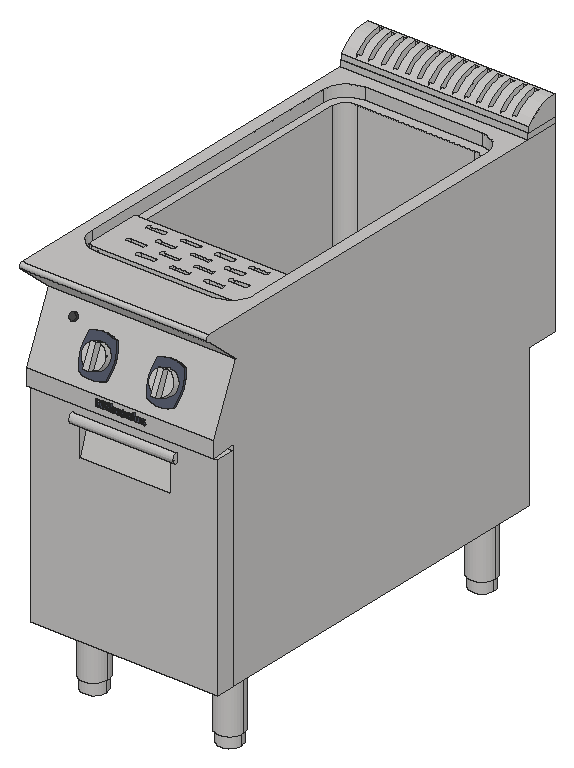
Revit family "QF_ELECTROLUXPROFESSIONAL_391203_E9PCED1MF2", category Specialty Equipment, Revit 2018 (continued)
Automatic sketch dimensions
  Extrusion 14 sketch curve to Extrusion 14 sketch curve = 1.056 mm
  Extrusion 14 sketch curve to Extrusion 14 sketch curve = 0.129 mm
  Extrusion 14 sketch curve to Extrusion 14 sketch curve = 0.489 mm
  Extrusion 14 sketch curve to Extrusion 14 sketch curve = 0.441 mm
  plane 18 to Extrusion 14 sketch curve = 0.411 mm
  Extrusion 14 sketch curve to Extrusion 14 sketch curve = 1.151 mm
  Extrusion 14 sketch curve to Extrusion 14 sketch curve = 1.141 mm  (x2)
  Extrusion 14 sketch curve to Extrusion 14 sketch curve = 0.768 mm
  Extrusion 14 sketch curve to plane 20 = 0.022 mm
  Extrusion 14 sketch curve to Extrusion 14 sketch curve = 1.653 mm
  Extrusion 14 sketch curve to Extrusion 14 sketch curve = 0.643 mm
  Extrusion 14 sketch curve to Extrusion 14 sketch curve = 0.964 mm
  Extrusion 14 sketch curve to Extrusion 14 sketch curve = 0.949 mm
  Extrusion 14 sketch curve to Extrusion 14 sketch curve = 1.345 mm  (x2)
  Extrusion 14 sketch curve to Extrusion 14 sketch curve = 1.101 mm
  Extrusion 14 sketch curve to Extrusion 14 sketch curve = 0.432 mm
  Extrusion 14 sketch curve to Extrusion 14 sketch curve = 0.959 mm
  Extrusion 14 sketch curve to Extrusion 14 sketch curve = 0.176 mm
  Extrusion 14 sketch curve to Extrusion 14 sketch curve = 0.728 mm
  Extrusion 14 sketch curve to Extrusion 14 sketch curve = 3.375 mm  (x2)
  Extrusion 14 sketch curve to Extrusion 14 sketch curve = 0.541 mm
  Extrusion 14 sketch curve to Extrusion 14 sketch curve = 0.955 mm
  Extrusion 14 sketch curve to Extrusion 14 sketch curve = 1.251 mm
  Extrusion 14 sketch curve to Extrusion 14 sketch curve = 0.572 mm
  Extrusion 14 sketch curve to plane 20 = 8.867 mm
  Extrusion 14 sketch curve to Extrusion 14 sketch curve = 1.92 mm
  Extrusion 14 sketch curve to Extrusion 14 sketch curve = 1.224 mm
  Extrusion 14 sketch curve to Extrusion 14 sketch curve = 0.745 mm
  Extrusion 14 sketch curve to Extrusion 14 sketch curve = 2.537 mm
  Extrusion 14 sketch curve to Extrusion 14 sketch curve = 0.896 mm  (x3)
  Extrusion 14 sketch curve to plane 7 "Center Y" = 0.681 mm
  Extrusion 14 sketch curve to Extrusion 14 sketch curve = 2.607 mm
  Extrusion 14 sketch curve to Extrusion 14 sketch curve = 0.066 mm
  Extrusion 14 sketch curve to Extrusion 14 sketch curve = 0.248 mm
  Extrusion 14 sketch curve to Extrusion 14 sketch curve = 0.449 mm
  Extrusion 14 sketch curve to plane 20 = 8.086 mm
  Extrusion 14 sketch curve to Extrusion 14 sketch curve = 1.052 mm
  Extrusion 14 sketch curve to Extrusion 14 sketch curve = 1.863 mm
  Extrusion 14 sketch curve to Extrusion 14 sketch curve = 1.31 mm  (x2)
  Extrusion 14 sketch curve to Extrusion 14 sketch curve = 0.901 mm
  Extrusion 14 sketch curve to Extrusion 14 sketch curve = 1.107 mm
  Extrusion 14 sketch curve to Extrusion 14 sketch curve = 2.122 mm
  Extrusion 14 sketch curve to Extrusion 14 sketch curve = 2.101 mm
  Extrusion 14 sketch curve to Extrusion 14 sketch curve = 0.106 mm
  Extrusion 14 sketch curve to Extrusion 14 sketch curve = 0.029 mm
  Extrusion 14 sketch curve to plane 20 = 10.889 mm
  Extrusion 14 sketch curve to Extrusion 14 sketch curve = 2.09 mm
  Extrusion 14 sketch curve to Extrusion 14 sketch curve = 1.279 mm
  Extrusion 14 sketch curve to Extrusion 14 sketch curve = 2.008 mm
  Extrusion 14 sketch curve to Extrusion 14 sketch curve = 0.738 mm
  Extrusion 14 sketch curve to Extrusion 14 sketch curve = 0.382 mm
  Extrusion 14 sketch curve to Extrusion 14 sketch curve = 0.384 mm
  Extrusion 14 sketch curve to Extrusion 14 sketch curve = 0.002 mm
  Extrusion 14 sketch curve to Extrusion 14 sketch curve = 0.561 mm
  Extrusion 14 sketch curve to Extrusion 14 sketch curve = 0.592 mm
  Extrusion 14 sketch curve to Extrusion 14 sketch curve = 2.692 mm
  Extrusion 14 sketch curve to Extrusion 14 sketch curve = 1.259 mm
  Extrusion 14 sketch curve to plane 20 = 10.106 mm
  Extrusion 14 sketch curve to Extrusion 14 sketch curve = 0.802 mm
  Extrusion 14 sketch curve to Extrusion 14 sketch curve = 1.024 mm  (x2)
  Extrusion 14 sketch curve to Extrusion 14 sketch curve = 0.682 mm
  Extrusion 14 sketch curve to Extrusion 14 sketch curve = 5.934 mm
  Extrusion 14 sketch curve to Extrusion 14 sketch curve = 2.186 mm
  Extrusion 14 sketch curve to Extrusion 14 sketch curve = 0.337 mm
  Extrusion 14 sketch curve to Extrusion 14 sketch curve = 0.021 mm
  Extrusion 14 sketch curve to Extrusion 14 sketch curve = 1.005 mm
  Extrusion 14 sketch curve to Extrusion 14 sketch curve = 0.552 mm
  Extrusion 14 sketch curve to Extrusion 14 sketch curve = 0.778 mm
  Extrusion 14 sketch curve to Extrusion 14 sketch curve = 0.063 mm
  Extrusion 14 sketch curve to Extrusion 14 sketch curve = 1.023 mm
  Extrusion 14 sketch curve to plane 18 = 1.76 mm
  Extrusion 14 sketch curve to Extrusion 14 sketch curve = 3.804 mm
  Extrusion 14 sketch curve to Extrusion 14 sketch curve = 0.486 mm
  Extrusion 14 sketch curve to Extrusion 14 sketch curve = 0.266 mm
  plane 7 "Center Y" to Extrusion 14 sketch curve = 0.461 mm
  Extrusion 14 sketch curve to Extrusion 14 sketch curve = 1.547 mm
  Extrusion 14 sketch curve to Extrusion 14 sketch curve = 0.717 mm  (x2)
  Extrusion 14 sketch curve to Extrusion 14 sketch curve = 1.667 mm
  Extrusion 14 sketch curve to plane 20 = 5.78 mm
  Extrusion 14 sketch curve to Extrusion 14 sketch curve = 3.174 mm
  Extrusion 14 sketch curve to Extrusion 14 sketch curve = 0.388 mm
  Extrusion 14 sketch curve to Extrusion 14 sketch curve = 1.342 mm
  Extrusion 14 sketch curve to plane 20 = 11.383 mm
  Extrusion 14 sketch curve to Extrusion 14 sketch curve = 1.521 mm
  Extrusion 14 sketch curve to plane 20 = 12.942 mm
  Extrusion 14 sketch curve to Extrusion 14 sketch curve = 0.124 mm
  Extrusion 14 sketch curve to Extrusion 14 sketch curve = 0.291 mm
  plane 7 "Center Y" to Extrusion 14 sketch curve = 8.533 mm
  Extrusion 14 sketch curve to Extrusion 14 sketch curve = 1.049 mm  (x2)
  Extrusion 14 sketch curve to plane 20 = 8.916 mm
  Extrusion 14 sketch curve to Extrusion 14 sketch curve = 1.7 mm
  Extrusion 14 sketch curve to Extrusion 14 sketch curve = 0.894 mm
  Extrusion 14 sketch curve to plane 7 "Center Y" = 1.202 mm
  Extrusion 14 sketch curve to Extrusion 14 sketch curve = 0.989 mm
  Extrusion 14 sketch curve to plane 18 = 0.213 mm
  Extrusion 14 sketch curve to Extrusion 14 sketch curve = 1.168 mm
  plane 20 to Extrusion 14 sketch curve = 1.323 mm
  Extrusion 14 sketch curve to Extrusion 14 sketch curve = 1.594 mm
  Extrusion 14 sketch curve to Extrusion 14 sketch curve = 0.731 mm
  Extrusion 14 sketch curve to Extrusion 14 sketch curve = 1.566 mm
  Extrusion 14 sketch curve to Extrusion 14 sketch curve = 0.064 mm
  plane 7 "Center Y" to Extrusion 14 sketch curve = 9.089 mm
  Extrusion 14 sketch curve to Extrusion 14 sketch curve = 0.556 mm
  Extrusion 14 sketch curve to Extrusion 14 sketch curve = 0.48 mm
  Extrusion 14 sketch curve to Extrusion 14 sketch curve = 1.018 mm
  Extrusion 14 sketch curve to Extrusion 14 sketch curve = 0.787 mm
  Extrusion 14 sketch curve to Extrusion 14 sketch curve = 0.618 mm
  Extrusion 14 sketch curve to plane 20 = 3.734 mm
  Extrusion 14 sketch curve to Extrusion 14 sketch curve = 1.672 mm
  Extrusion 14 sketch curve to plane 20 = 14.684 mm
  Extrusion 14 sketch curve to Extrusion 14 sketch curve = 1.361 mm
  Extrusion 14 sketch curve to Extrusion 14 sketch curve = 0.822 mm
  Extrusion 14 sketch curve to Extrusion 14 sketch curve = 0.069 mm
  Extrusion 14 sketch curve to Extrusion 14 sketch curve = 1.88 mm
  plane 20 to Extrusion 14 sketch curve = 3.483 mm
  Extrusion 14 sketch curve to Extrusion 14 sketch curve = 0.42 mm
  Extrusion 14 sketch curve to Extrusion 14 sketch curve = 0.062 mm
  Extrusion 14 sketch curve to Extrusion 14 sketch curve = 1.355 mm
  Extrusion 14 sketch curve to Extrusion 14 sketch curve = 2.34 mm
  Extrusion 14 sketch curve to Extrusion 14 sketch curve = 0.493 mm
  Extrusion 14 sketch curve to Extrusion 14 sketch curve = 0.136 mm
  Extrusion 14 sketch curve to Extrusion 14 sketch curve = 0.128 mm
  plane 18 to Extrusion 14 sketch curve = 3.119 mm
  Extrusion 14 sketch curve to Extrusion 14 sketch curve = 3.616 mm
  Extrusion 14 sketch curve to Extrusion 14 sketch curve = 4.207 mm
  Extrusion 14 sketch curve to Extrusion 14 sketch curve = 0.183 mm
  Extrusion 14 sketch curve to Extrusion 14 sketch curve = 0.895 mm
  Extrusion 14 sketch curve to Extrusion 14 sketch curve = 1.314 mm
  Extrusion 14 sketch curve to Extrusion 14 sketch curve = 3.231 mm
  Extrusion 14 sketch curve to Extrusion 14 sketch curve = 1.299 mm
  Extrusion 14 sketch curve to Extrusion 14 sketch curve = 1.214 mm
  plane 18 to Extrusion 14 sketch curve = 4.384 mm
  Extrusion 14 sketch curve to Extrusion 14 sketch curve = 0.109 mm
  Extrusion 14 sketch curve to Extrusion 14 sketch curve = 0.357 mm
  Extrusion 14 sketch curve to Extrusion 14 sketch curve = 0.565 mm
  Extrusion 14 sketch curve to Extrusion 14 sketch curve = 2.504 mm
  Extrusion 14 sketch curve to Extrusion 14 sketch curve = 2.459 mm
  Extrusion 14 sketch curve to Extrusion 14 sketch curve = 0.983 mm
  Extrusion 14 sketch curve to Extrusion 14 sketch curve = 0.422 mm  (x2)
  Extrusion 14 sketch curve to Extrusion 14 sketch curve = 1.268 mm
  Extrusion 14 sketch curve to Extrusion 14 sketch curve = 0.671 mm
  Extrusion 14 sketch curve to Extrusion 14 sketch curve = 1.634 mm
  Extrusion 14 sketch curve to Extrusion 14 sketch curve = 0.132 mm
  Extrusion 14 sketch curve to Extrusion 14 sketch curve = 0.586 mm
  Extrusion 14 sketch curve to Extrusion 14 sketch curve = 1.241 mm
  Extrusion 14 sketch curve to Extrusion 14 sketch curve = 0.419 mm
  Extrusion 14 sketch curve to plane 18 = 0.742 mm
  Extrusion 14 sketch curve to Extrusion 14 sketch curve = 1.122 mm
  Extrusion 14 sketch curve to Extrusion 14 sketch curve = 1.153 mm
  Extrusion 14 sketch curve to Extrusion 14 sketch curve = 1.223 mm
  Extrusion 14 sketch curve to Extrusion 14 sketch curve = 0.934 mm
  Extrusion 14 sketch curve to Extrusion 14 sketch curve = 3.376 mm
  Extrusion 14 sketch curve to Extrusion 14 sketch curve = 0.222 mm
  Extrusion 14 sketch curve to Extrusion 14 sketch curve = 1.383 mm
  Extrusion 14 sketch curve to Extrusion 14 sketch curve = 1.556 mm
  Extrusion 14 sketch curve to Extrusion 14 sketch curve = 2.559 mm
  Extrusion 14 sketch curve to Extrusion 14 sketch curve = 2.51 mm
  Extrusion 14 sketch curve to Extrusion 14 sketch curve = 0.131 mm
  Extrusion 14 sketch curve to Extrusion 14 sketch curve = 1.134 mm
  Extrusion 14 sketch curve to Extrusion 14 sketch curve = 0.094 mm
  Extrusion 14 sketch curve to Extrusion 14 sketch curve = 1.584 mm
  Extrusion 14 sketch curve to Extrusion 14 sketch curve = 0.27 mm
  Extrusion 14 sketch curve to Extrusion 14 sketch curve = 0.916 mm
  Extrusion 14 sketch curve to Extrusion 14 sketch curve = 0.352 mm
  Extrusion 14 sketch curve to Extrusion 14 sketch curve = 0.458 mm
  Extrusion 14 sketch curve to Extrusion 14 sketch curve = 1.282 mm
  Extrusion 14 sketch curve to Extrusion 14 sketch curve = 0.685 mm
  Extrusion 14 sketch curve to Extrusion 14 sketch curve = 0.905 mm
  Extrusion 14 sketch curve to Extrusion 14 sketch curve = 2.865 mm
  Extrusion 14 sketch curve to Extrusion 14 sketch curve = 0.472 mm
  Extrusion 14 sketch curve to Extrusion 14 sketch curve = 0.101 mm
  Extrusion 14 sketch curve to Extrusion 14 sketch curve = 0.54 mm
  Extrusion 14 sketch curve to Extrusion 14 sketch curve = 0.02 mm
  Extrusion 14 sketch curve to Extrusion 14 sketch curve = 0.468 mm
  Extrusion 14 sketch curve to Extrusion 14 sketch curve = 0.829 mm
  Extrusion 14 sketch curve to Extrusion 14 sketch curve = 0.582 mm
  Extrusion 14 sketch curve to Extrusion 14 sketch curve = 0.166 mm
  Extrusion 14 sketch curve to Extrusion 14 sketch curve = 0.16 mm
  Extrusion 14 sketch curve to Extrusion 14 sketch curve = 2.781 mm
  Extrusion 14 sketch curve to Extrusion 14 sketch curve = 1.118 mm
  Extrusion 14 sketch curve to Extrusion 14 sketch curve = 0.613 mm
  Extrusion 14 sketch curve to Extrusion 14 sketch curve = 0.781 mm
  Extrusion 14 sketch curve to Extrusion 14 sketch curve = 0.361 mm
  Extrusion 14 sketch curve to Extrusion 14 sketch curve = 0.897 mm
  Extrusion 14 sketch curve to Extrusion 14 sketch curve = 0.167 mm
  Extrusion 14 sketch curve to Extrusion 14 sketch curve = 0.292 mm
  Extrusion 14 sketch curve to Extrusion 14 sketch curve = 0.305 mm
  Extrusion 14 sketch curve to Extrusion 14 sketch curve = 1.557 mm
  Extrusion 14 sketch curve to Extrusion 14 sketch curve = 2.499 mm
  Extrusion 14 sketch curve to Extrusion 14 sketch curve = 3.062 mm
  Extrusion 14 sketch curve to Extrusion 14 sketch curve = 2.968 mm
  Extrusion 14 sketch curve to Extrusion 14 sketch curve = 5.044 mm
  Extrusion 14 sketch curve to Extrusion 14 sketch curve = 0.629 mm  (x2)
  Extrusion 14 sketch curve to Extrusion 14 sketch curve = 1.131 mm
  Extrusion 14 sketch curve to Extrusion 14 sketch curve = 0.137 mm
  Extrusion 14 sketch curve to Extrusion 14 sketch curve = 0.027 mm
  Extrusion 14 sketch curve to Extrusion 14 sketch curve = 2.046 mm
  Extrusion 14 sketch curve to Extrusion 14 sketch curve = 2.235 mm
  plane 19 to Extrusion 15 sketch curve = 9.782 mm
  Extrusion 15 sketch curve to plane 13 = 163.357 mm
  Extrusion 15 sketch curve to Extrusion 15 sketch curve = 30 mm
  plane 15 to Extrusion 15 sketch curve = 10 mm
  plane 12 to Extrusion 15 sketch curve = 25.89 mm  (x2)
  Extrusion 15 sketch curve to plane 12 = 4.11 mm
  plane 16 to Extrusion 15 sketch curve = 20 mm
  plane 13 to Extrusion 16 sketch curve = 0 mm
  Extrusion 16 sketch curve to Extrusion 16 sketch curve = 30 mm  (x5)
  plane 19 to Extrusion 16 sketch curve = 9.782 mm
  plane 16 to Extrusion 16 sketch curve = 20 mm
  Extrusion 16 sketch curve to Extrusion 16 sketch curve = 133.357 mm
  Extrusion 16 sketch curve to plane 16 = 10 mm
  plane 15 to Extrusion 16 sketch curve = 10 mm
  Extrusion 16 sketch curve to Extrusion 16 sketch curve = 0 mm
  plane 16 to Extrusion 20 sketch curve = 49.333 mm
  Extrusion 20 sketch curve to plane 7 "Center Y" = 37.292 mm
  Extrusion 20 sketch curve to Extrusion 20 sketch curve = 0 mm
  Extrusion 20 sketch curve to Extrusion 20 sketch curve = 12.3 mm  (x3)
  Extrusion 20 sketch curve to plane 7 "Center Y" = 12.178 mm
  Extrusion 20 sketch curve to Extrusion 20 sketch curve = 34.925 mm  (x2)
  Extrusion 20 sketch curve to Extrusion 20 sketch curve = 46.691 mm
  Extrusion 20 sketch curve to Extrusion 20 sketch curve = 28.575 mm
  Extrusion 22 sketch curve to Extrusion 22 sketch curve = 24.732 mm
  Extrusion 22 sketch curve to Extrusion 22 sketch curve = 0 mm
  Extrusion 23 sketch curve to plane 20 = 9.333 mm
  plane 19 to Extrusion 23 sketch curve = 27.074 mm
  Extrusion 23 sketch curve to Extrusion 23 sketch curve = 0 mm
  Extrusion 23 sketch curve to Extrusion 23 sketch curve = 12.3 mm  (x2)
  plane 19 to Extrusion 23 sketch curve = 1.96 mm
  Extrusion 23 sketch curve to Extrusion 23 sketch curve = 34.925 mm  (x2)
  plane 18 to Extrusion 23 sketch curve = 8.394 mm
  Extrusion 23 sketch curve to Extrusion 23 sketch curve = 46.691 mm
  Extrusion 23 sketch curve to plane 20 = 9.95 mm
  Extrusion 25 sketch curve to Extrusion 25 sketch curve = 24.732 mm
  Extrusion 25 sketch curve to Extrusion 25 sketch curve = 0 mm
  plane 16 to Extrusion 26 sketch curve = 10 mm
  Extrusion 27 sketch curve to Extrusion 2 = 0 mm  (x2)
  Extrusion 27 sketch curve to Extrusion 27 sketch curve = 10 mm  (x2)
  Extrusion 27 sketch curve to Extrusion 2 = 10 mm  (x2)
  Extrusion 27 sketch curve to Extrusion 2 = 164.489 mm
  Extrusion 27 sketch curve to Extrusion 2 = 47.489 mm
  Extrusion 28 sketch curve to Extrusion 27 = 13.756 mm  (x4)
  Extrusion 28 sketch curve to Extrusion 28 sketch curve = 5 mm  (x14)
  Extrusion 28 sketch curve to Extrusion 28 sketch curve = 17.3 mm  (x6)
  Extrusion 28 sketch curve to Extrusion 28 sketch curve = 17.7 mm  (x3)
  Extrusion 28 sketch curve to Extrusion 28 sketch curve = 45 mm
  Extrusion 28 sketch curve to Extrusion 27 = 47.185 mm  (x2)
  Extrusion 28 sketch curve to Extrusion 28 sketch curve = 31.978 mm  (x8)
  Extrusion 28 sketch curve to Extrusion 28 sketch curve = 10.932 mm  (x6)
  Extrusion 28 sketch curve to Extrusion 28 sketch curve = 30.423 mm  (x6)
  Extrusion 28 sketch curve to Extrusion 28 sketch curve = 1.555 mm  (x6)
  radius of Extrusion 18 sketch curve = 6.35 mm
  radius of Extrusion 21 sketch curve = 25.4 mm
  radius of Extrusion 22 sketch curve to Extrusion 21 = 0 mm  (x2)
  radius of Extrusion 24 sketch curve = 25.4 mm
  radius of Extrusion 25 sketch curve to Extrusion 24 = 0 mm  (x2)
  radius of Extrusion 26 sketch curve = 7.5 mm
  radius of Extrusion 17 sketch curve = 12.7 mm
  radius of Extrusion 19 sketch curve = 9.525 mm
Connectors
  piping at (90, -592.7, 137.3), diameter 25.4
    settings: on Extrusion 17, index 1, connector inside diameter 1", connector length 0 mm, flow factor 0, pipe flow 0 GPM, pressure drop 0.00 psi, fitting loss kfactor 0, connector angle 0.00°, fixture units 0, engagement length 0 mm, angle of deflection 0.00°, flow configuration 1, flow direction 2, fitting loss method 0, system type 16, joint type 0, gender type 0, connector reference index -1, connector utility 0, adjustable connector no, is connector primary yes, connector description "DRAIN"
  piping at (350, -630, 137.3), diameter 19
    settings: on Extrusion 19, index 3, connector inside diameter 0.74803", connector length 0 mm, flow factor 0, pipe flow 0 GPM, pressure drop 0.00 psi, fitting loss kfactor 0, connector angle 0.00°, fixture units 0, engagement length 0 mm, angle of deflection 0.00°, flow configuration 1, flow direction 1, fitting loss method 0, system type 20, joint type 0, gender type 0, connector reference index -1, connector utility 0, adjustable connector no, is connector primary no, connector description "WATER INLET"
  electrical at (50, -710, 140)
    settings: on Extrusion 18, index 4, voltage 0 V, apparent load 0 VA, apparent load phase1 0 VA, apparent load phase2 0 VA, apparent load phase3 0 VA, power factor 1, load classification "Other", number of poles 1, system type 30, power factor state 1, is connector primary yes, connector utility no, sub classification motor no, connector description ""
